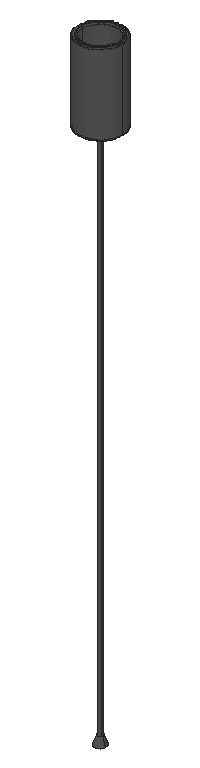
Revit family "CARLO CYLINDER LIGHT Pendant_ Surface", category Lighting Fixtures, host Face, Revit 2020 (continued)
Types (13): name | Wattage_Input | Wattage Comments | Wattage | built-in parameter 1150134 | Size 08 | Size 04 | Photometric Web File | built-in parameter 1150142 | Model | built-in parameter 1150105 | Lumens | built-in parameter 1150107 | built-in parameter 1150106 | Fixture Height | Fixture Diameter | BEAMING ANGLE | Apparent Load
  CCL6-08-30SPSW8-60-PSM-BK | 30 W | "18W/24W/30W" | 15.1472 W | (empty or 0) | yes | no | "CCL6_30W_2700K_60__.IES" | "IESNA:LM-63-2002\r\n[TEST] CCL6 30W 2700K 60¡ã\r\n[TESTLAB] EVERFINE\r\n[TESTDATE] 2024-03-09\r\n[ISSUEDATE] 2024-05-20 11:18:46\r\n[NEARFIELD] \r\n[LAMPPOSITION] 0,0\r\n[OTHER] EVERFINE GO-2000B_V1 SYSTEM\r\n[MANUFAC] Aboveall lighting\r\nTILT=NONE\r\n1 2292.3 1 181 17 1 2 -0.103 -0.103 0.000\r\n1.000 1 28.3627\r\n0.0    1.0    2.0    3.0    4.0    5.0    6.0    7.0    8.0    9.0    \r\n 10.0   11.0   12.0   13.0   14.0   15.0   16.0   17.0   18.0   19.0   \r\n 20.0   21.0   22.0   23.0   24.0   25.0   26.0   27.0   28.0   29.0   \r\n 30.0   31.0   32.0   33.0   34.0   35.0   36.0   37.0   38.0   39.0   \r\n 40.0   41.0   42.0   43.0   44.0   45.0   46.0   47.0   48.0   49.0   \r\n 50.0   51.0   52.0   53.0   54.0   55.0   56.0   57.0   58.0   59.0   \r\n 60.0   61.0   62.0   63.0   64.0   65.0   66.0   67.0   68.0   69.0   \r\n 70.0   71.0   72.0   73.0   74.0   75.0   76.0   77.0   78.0   79.0   \r\n 80.0   81.0   82.0   83.0   84.0   85.0   86.0   87.0   88.0   89.0   \r\n 90.0   91.0   92.0   93.0   94.0   95.0   96.0   97.0   98.0   99.0   \r\n 100.0  101.0  102.0  103.0  104.0  105.0  106.0  107.0  108.0  109.0  \r\n 110.0  111.0  112.0  113.0  114.0  115.0  116.0  117.0  118.0  119.0  \r\n 120.0  121.0  122.0  123.0  124.0  125.0  126.0  127.0  128.0  129.0  \r\n 130.0  131.0  132.0  133.0  134.0  135.0  136.0  137.0  138.0  139.0  \r\n 140.0  141.0  142.0  143.0  144.0  145.0  146.0  147.0  148.0  149.0  \r\n 150.0  151.0  152.0  153.0  154.0  155.0  156.0  157.0  158.0  159.0  \r\n 160.0  161.0  162.0  163.0  164.0  165.0  166.0  167.0  168.0  169.0  \r\n 170.0  171.0  172.0  173.0  174.0  175.0  176.0  177.0  178.0  179.0  \r\n 180.0  \r\n0.0    22.5   45.0   67.5   90.0   112.5  135.0  157.5  180.0  202.5  \r\n 225.0  247.5  270.0  292.5  315.0  337.5  360.0  \r\n2272.1 2269.1 2268.5 2264.4 2261.2 2253.3 2245.8 2235.8 2222.3 2208 \r\n 2192 2171.3 2147.1 2118.2 2087.3 2052.8 2016.5 1977.7 1936.7 1895.5 \r\n 1852.9 1809.5 1763.7 1716.6 1664.4 1602.6 1535.8 1460.5 1374.3 1288.3 \r\n 1220.9 1163.8 1114.2 1066.8 1020.2 977.14 934.57 895.8 854 797.19 \r\n 724.9 639.54 547.43 452.05 356.67 264.14 182.81 127.3 72.074 54.517 \r\n 45.309 37.209 30.302 25.884 23.128 20.755 19.049 17.857 16.762 15.929 \r\n 15.326 14.703 14.264 13.823 13.41 13.08 12.53 12.064 11.464 10.887 \r\n 10.136 9.3982 8.7815 7.9547 7.3112 6.6028 5.842 5.243 4.6024 3.985 \r\n 3.4392 2.922 2.3535 1.9165 1.4323 1.0859 0.75315 0.45618 0.22697 0.081745 \r\n 0.020692 0.00021523 0 0 0 0 0 0 0 0 \r\n 0 0.007924 0.03179 0.059798 0.079919 0.12375 0.16375 0.21965 0.27971 0.33982 \r\n 0.41181 0.4879 0.568 0.65607 0.74819 0.84829 0.96037 1.0723 1.1924 1.3126 \r\n 1.4566 1.5929 1.741 1.9131 2.0735 2.2536 2.4339 2.6222 2.8179 3.0261 \r\n 3.2345 3.4429 3.6671 3.8876 4.1159 4.3562 4.5847 4.825 5.0694 5.3099 \r\n 5.5418 5.7861 6.0305 6.271 6.5114 6.7479 6.9843 7.2049 7.4253 7.6417 \r\n 7.8423 8.0579 8.2426 8.427 8.6073 8.7797 8.96 9.1284 9.2967 9.469 \r\n 9.6651 9.8654 10.065 10.254 10.45 10.646 10.835 11.019 11.207 11.388 \r\n 11.556 11.725 11.869 12.001 12.121 12.242 12.35 12.434 12.527 12.615 \r\n 12.644 \r\n2272.1 2271 2270.5 2270 2262 2254.7 2244.3 2231.1 2215.6 2196.6 \r\n 2173.4 2148 2118.4 2085.5 2053.9 2019.2 1983.3 1943.9 1903.7 1864.9 \r\n 1820.4 1771.4 1722.1 1668.5 1608.1 1540.1 1466.1 1381 1296.3 1229.2 \r\n 1170.3 1119.4 1072 1028.4 985.29 945.6 905.61 865.65 810.34 734.55 \r\n 650.21 565.92 469.06 372.63 285.88 199.27 129.1 74.931 56.387 46.898 \r\n 38.67 32.08 27.33 24.038 21.38 19.624 18.252 17.179 16.264 15.591 \r\n 14.947 14.419 14.005 13.517 13.133 12.616 12.175 11.657 11.052 10.41 \r\n 9.645 8.955 8.1825 7.5085 6.7481 6.0888 5.4393 4.7473 4.2213 3.5577 \r\n 3.0882 2.5438 2.0632 1.6143 1.1587 0.82614 0.50301 0.25896 0.067579 0 \r\n 0 0.000034 0.0040412 0.0080125 0.0080495 0.012019 0.012097 0.020111 0.028104 0.036118 \r\n 0.044228 0.064297 0.088475 0.12848 0.16064 0.2048 0.25693 0.31311 0.37726 0.44523 \r\n 0.51745 0.60163 0.68983 0.78203 0.8783 0.98654 1.0988 1.219 1.3314 1.4717 \r\n 1.6156 1.7679 1.9203 2.0926 2.261 2.4414 2.6298 2.8263 3.0307 3.239 \r\n 3.4476 3.6719 3.8879 4.1242 4.3527 4.593 4.8136 5.062 5.3024 5.5349 \r\n 5.7833 6.0238 6.2642 6.508 6.7484 6.9848 7.2211 7.4455 7.6618 7.8701 \r\n 8.0704 8.2667 8.459 8.6393 8.815 8.9834 9.1557 9.3319 9.4963 9.6688 \r\n 9.8612 10.057 10.25 10.446 10.622 10.81 10.987 11.167 11.339 11.511 \r\n 11.668 11.82 11.96 12.084 12.204 12.328 12.428 12.516 12.6 12.66 \r\n 12.644 \r\n2272.1 2268.5 2267.5 2264.5 2258.3 2247.8 2235.2 2220.5 2201.4 2179.2 \r\n 2154.8 2128.8 2098.1 2064.5 2028.7 1990.3 1951.1 1910.2 1864.7 1818.4 \r\n 1769.6 1716.6 1661.9 1601.4 1534.4 1458.5 1374.1 1294.2 1228.9 1172.6 \r\n 1122.2 1074.2 1032.3 988.67 947.44 907.52 866.28 809.96 730.39 645.25 \r\n 552.06 462.31 372.52 283.76 197.08 124.88 78.565 56.628 47.003 38.652 \r\n 32.618 27.775 24.165 21.568 19.724 18.297 17.262 16.248 15.536 14.878 \r\n 14.391 14.034 13.555 13.209 12.639 12.172 11.672 11.076 10.427 9.6196 \r\n 8.937 8.1844 7.4964 6.7953 6.0663 5.5231 4.8395 4.2731 3.6368 3.1066 \r\n 2.5896 2.0488 1.6625 1.2551 0.87014 0.53294 0.31904 0.11853 0.029055 0.0042763 \r\n 0.000044 0 0 0 0 0 0 0 0 0.0079201 \r\n 0.027818 0.055778 0.079866 0.12769 0.15992 0.21181 0.27167 0.33574 0.40381 0.47985 \r\n 0.55995 0.64801 0.7441 0.84027 0.9523 1.0526 1.1805 1.3005 1.4326 1.5846 \r\n 1.7329 1.8971 2.0574 2.2375 2.4218 2.6101 2.8103 3.0067 3.2144 3.4228 \r\n 3.6509 3.8714 4.1037 4.3322 4.5685 4.8089 5.0374 5.2817 5.5063 5.7506 \r\n 5.9864 6.2268 6.4672 6.7116 6.9442 7.1806 7.4091 7.6177 7.826 8.0225 \r\n 8.2189 8.4068 8.5833 8.7556 8.92 9.0883 9.2566 9.4328 9.5933 9.7813 \r\n 9.9617 10.146 10.326 10.498 10.679 10.851 11.035 11.2 11.36 11.516 \r\n 11.661 11.797 11.925 12.037 12.154 12.254 12.342 12.415 12.479 12.563 \r\n 12.644 \r\n2272.1 2261.4 2259.1 2253 2246.5 2236.6 2220.6 2200.9 2180.5 2156.6 \r\n 2127.8 2096.4 2064.3 2031.3 1995.2 1955.5 1914.6 1870.9 1825.8 1779.5 \r\n 1729.4 1674.8 1615.4 1549.4 1478.6 1398.6 1315.9 1245.6 1187.9 1135.7 \r\n 1088.7 1044.7 1002.4 960.83 920.79 879.54 828.6 752.66 665.94 571.77 \r\n 480.43 386.87 298 222.61 147.37 90.497 60.485 49.971 41.309 34.696 \r\n 29.705 25.704 22.81 20.624 19.029 17.879 16.784 15.988 15.439 14.823 \r\n 14.402 13.854 13.421 12.964 12.48 12.005 11.301 10.659 9.9139 9.236 \r\n 8.487 7.7746 7.1562 6.4081 5.7901 5.0799 4.5303 3.9019 3.3611 2.8472 \r\n 2.2165 1.8664 1.3508 0.98227 0.63043 0.36242 0.14329 0.015905 0.000031 0.0039742 \r\n 0 0 0.000070 0.0080844 0.016025 0.016101 0.024038 0.024276 0.048165 0.060279 \r\n 0.084386 0.11648 0.15258 0.19272 0.24088 0.29705 0.36117 0.42536 0.49757 0.57752 \r\n 0.66174 0.75394 0.85017 0.9544 1.0627 1.1869 1.3032 1.4356 1.5799 1.7243 \r\n 1.8882 2.0605 2.2289 2.4092 2.5897 2.7901 2.9984 3.1909 3.4033 3.6158 \r\n 3.8403 4.0727 4.3045 4.537 4.7774 5.0178 5.2503 5.4947 5.7351 5.9756 \r\n 6.2161 6.4644 6.7048 6.9406 7.181 7.4053 7.6256 7.834 8.0422 8.2306 \r\n 8.4269 8.6112 8.7913 8.9516 9.1116 9.2878 9.452 9.6084 9.7728 9.9531 \r\n 10.126 10.318 10.494 10.674 10.851 11.026 11.195 11.351 11.519 11.663 \r\n 11.796 11.928 12.036 12.144 12.24 12.344 12.424 12.5 12.56 12.62 \r\n 12.644 \r\n2272.1 2289.1 2285.1 2278.3 2269.7 2259.2 2244.8 2225.2 2203.3 2180 \r\n 2151.4 2126.6 2094.9 2053.3 2016.2 1974.7 1927.6 1881.6 1832.3 1778.5 \r\n 1725.2 1667.9 1604.5 1536.3 1464.7 1383.9 1306.6 1242.2 1183.9 1131.3 \r\n 1082.1 1034.6 991.77 951.07 909.53 865.89 799.9 718.6 632.15 537.9 \r\n 438.99 347.31 268.64 190.1 125.31 77.724 61.224 50.604 41.945 35.057 \r\n 29.861 26.102 23.322 21.225 19.601 18.324 17.178 16.349 15.614 15.042 \r\n 14.541 14.029 13.61 13.058 12.538 11.98 11.351 10.744 9.9635 9.2373 \r\n 8.4336 7.78 7.0907 6.3978 5.7279 5.0067 4.4924 3.8483 3.3033 2.7579 \r\n 2.1787 1.7575 1.3058 0.94887 0.56648 0.36943 0.11906 0.0079714 0.0040483 0.0080556 \r\n 0.011975 0.0080575 0.012065 0.016072 0.020031 0.020129 0.028094 0.032253 0.048239 0.064184 \r\n 0.072412 0.10046 0.12869 0.17268 0.20898 0.26503 0.31723 0.37753 0.45362 0.52555 \r\n 0.59781 0.68209 0.77826 0.87457 0.98285 1.0991 1.2193 1.3398 1.4801 1.6245 \r\n 1.7844 1.9408 2.1091 2.2816 2.47 2.6664 2.8628 3.0672 3.2758 3.4962 \r\n 3.7166 3.9405 4.177 4.4214 4.6618 4.8983 5.1429 5.3951 5.6315 5.8641 \r\n 6.1126 6.361 6.6053 6.8412 7.0814 7.3059 7.5341 7.7465 7.9628 8.171 \r\n 8.3634 8.5557 8.7438 8.9162 9.0919 9.2603 9.4325 9.601 9.7813 9.9658 \r\n 10.158 10.347 10.543 10.731 10.919 11.087 11.275 11.452 11.624 11.78 \r\n 11.944 12.08 12.185 12.308 12.405 12.505 12.601 12.689 12.753 12.828 \r\n 12.644 \r\n2272.1 2279.5 2276.8 2265 2257.5 2242.5 2227.9 2211.8 2190.5 2164 \r\n 2134.8 2102.6 2069.3 2031.8 1989.1 1946.5 1898.6 1852.9 1803.3 1752.1 \r\n 1697.6 1638.7 1576 1505.2 1430.2 1350.5 1276.8 1217.1 1162.2 1114.1 \r\n 1064.8 1016.3 970.4 925.52 883.37 829.04 762.2 676.91 583.08 494.19 \r\n 403.41 319.18 232.81 161.16 115.76 70.598 57.862 47.721 39.543 33.536 \r\n 28.759 25.435 22.737 20.826 19.339 18.055 17.055 16.24 15.538 15.015 \r\n 14.471 13.983 13.529 12.958 12.508 11.904 11.283 10.535 9.7298 9.0435 \r\n 8.2231 7.5488 6.7901 6.124 5.4826 4.8097 4.2595 3.6033 3.0494 2.5203 \r\n 2.0469 1.59 1.1928 0.83684 0.51988 0.29061 0.10586 0.032697 0.0082224 0.0040403 \r\n 0.0040063 0.0040063 0.0040063 0.0040063 0.0040063 0.0040063 0.0040063 0.0079754 0.011983 0.023932 \r\n 0.039926 0.067874 0.10387 0.14391 0.18796 0.23999 0.29591 0.37185 0.44005 0.50421 \r\n 0.58818 0.68027 0.77244 0.87653 0.98072 1.1048 1.229 1.3489 1.4929 1.6451 \r\n 1.8014 1.9736 2.1459 2.3261 2.5104 2.7107 2.911 3.1193 3.3311 3.5475 \r\n 3.7757 4.0042 4.2365 4.465 4.7133 4.9458 5.1902 5.4267 5.6671 5.9035 \r\n 6.1512 6.3997 6.6402 6.8846 7.1092 7.3296 7.546 7.7624 7.9708 8.1633 \r\n 8.3517 8.5435 8.716 8.8883 9.0527 9.2249 9.3972 9.5576 9.7338 9.9141 \r\n 10.094 10.287 10.463 10.639 10.827 10.992 11.172 11.348 11.513 11.665 \r\n 11.817 11.954 12.082 12.194 12.294 12.387 12.475 12.551 12.639 12.699 \r\n 12.644 \r\n2272.1 2269.6 2266.9 2257.4 2249.6 2237.9 2225.4 2207.5 2184.4 2160.8 \r\n 2132.5 2099.2 2064.5 2026.5 1988.9 1947.3 1902.4 1853.9 1808.5 1757.1 \r\n 1699.9 1641.4 1579.4 1513.6 1439.1 1360.5 1288 1226.8 1170.9 1119.6 \r\n 1073.4 1027.5 983.48 942.57 900.86 853.91 785.32 702.64 612.82 520.25 \r\n 422.5 330.22 246.63 163.24 98.317 66.413 54.472 45.424 37.867 32.036 \r\n 27.819 24.508 22.103 20.262 18.877 17.705 16.747 16.045 15.358 14.866 \r\n 14.433 13.965 13.551 13.014 12.546 11.948 11.31 10.629 9.8876 9.1771 \r\n 8.3658 7.7308 6.9424 6.2426 5.6555 4.9098 4.3279 3.6648 3.1956 2.6901 \r\n 2.1388 1.7327 1.2103 0.90518 0.55368 0.29386 0.087296 0.0039652 0.000042 0.0040063 \r\n 0.0040503 0.0081025 0.016025 0.016025 0.016073 0.020129 0.028094 0.032253 0.048239 0.064226 \r\n 0.076504 0.11244 0.13662 0.17282 0.22091 0.26914 0.32924 0.3895 0.46168 0.53765 \r\n 0.61788 0.70604 0.79433 0.89464 1.0068 1.1191 1.2394 1.3638 1.5003 1.6565 \r\n 1.8125 1.9768 2.1413 2.3257 2.5141 2.7064 2.9029 3.1074 3.3238 3.5443 \r\n 3.7686 3.9886 4.221 4.4575 4.6978 4.9304 5.1707 5.4032 5.6437 5.888 \r\n 6.1206 6.365 6.6093 6.8451 7.0775 7.3097 7.5261 7.7384 7.9467 8.1429 \r\n 8.3313 8.5195 8.6956 8.86 9.0319 9.2041 9.3724 9.5368 9.7133 9.9016 \r\n 10.086 10.27 10.446 10.623 10.807 10.987 11.159 11.339 11.504 11.664 \r\n 11.82 11.96 12.088 12.216 12.321 12.421 12.508 12.584 12.66 12.712 \r\n 12.644 \r\n2272.1 2269.7 2263.1 2255.6 2250.1 2239.6 2226.3 2208.2 2187.2 2163.8 \r\n 2135.8 2104.2 2072 2037.1 1998.8 1958.7 1916.5 1872 1825 1774.5 \r\n 1721.7 1664.6 1601 1535.6 1464.3 1383.3 1303.2 1236.1 1177.9 1126.1 \r\n 1076.5 1030.2 988.63 948.67 908.34 866.4 810.34 736.51 653.17 557.39 \r\n 458.69 367.12 273.69 193.45 120.95 75.311 57.943 48.493 40.44 33.869 \r\n 28.906 25.151 22.496 20.51 18.999 17.834 16.771 15.959 15.277 14.767 \r\n 14.397 13.879 13.572 13.057 12.612 12.103 11.467 10.866 10.07 9.388 \r\n 8.6273 7.8699 7.1384 6.3694 5.7508 4.963 4.4396 3.8035 3.2696 2.7644 \r\n 2.2317 1.8021 1.3018 1.0164 0.62478 0.37493 0.16618 0.053088 0.012369 0.00010199 \r\n 0 0 0 0 0 0 0 0.0039691 0.0040063 0.011948 \r\n 0.031879 0.047942 0.083841 0.11991 0.1679 0.20803 0.26783 0.32794 0.39598 0.47205 \r\n 0.54818 0.64021 0.7284 0.82451 0.93261 1.0408 1.1729 1.2809 1.4209 1.5691 \r\n 1.7213 1.8855 2.0577 2.234 2.4183 2.6145 2.8069 3.0152 3.2269 3.4393 \r\n 3.6557 3.884 4.1164 4.3488 4.5891 4.8216 5.058 5.3064 5.5429 5.7793 \r\n 6.023 6.2635 6.5079 6.7444 6.9769 7.2014 7.4178 7.6302 7.8386 8.0391 \r\n 8.2275 8.4153 8.5957 8.7721 8.9285 9.1007 9.273 9.4493 9.6296 9.8139 \r\n 9.9982 10.191 10.37 10.547 10.731 10.907 11.088 11.26 11.428 11.585 \r\n 11.749 11.886 12.018 12.134 12.254 12.346 12.435 12.523 12.587 12.639 \r\n 12.644 \r\n2272.1 2267.5 2263.6 2258.4 2251.8 2244.2 2232 2216.5 2200.7 2179.3 \r\n 2153.7 2125.4 2093.2 2060 2024.3 1986.6 1945.5 1901.9 1858.8 1809.7 \r\n 1760 1704.5 1646.9 1584.5 1517.8 1443.8 1361.1 1283.9 1220.6 1166 \r\n 1117.8 1072.9 1031.2 987.61 946.73 907.49 865.04 809.99 731.58 639.27 \r\n 543.98 448.71 355.27 267.69 180.35 115.77 72.584 55.034 45.969 37.906 \r\n 32.136 27.343 24.18 21.492 19.732 18.3 17.14 16.189 15.461 14.87 \r\n 14.382 13.989 13.553 13.243 12.752 12.349 11.752 11.163 10.568 9.7839 \r\n 9.1246 8.2929 7.6113 6.8977 6.1618 5.5338 4.8496 4.2676 3.5965 3.119 \r\n 2.5825 2.0905 1.6772 1.2139 0.87695 0.51811 0.30231 0.087234 0.000042 0.0040063 \r\n 0.0040503 0.0080575 0.012065 0.015978 0.012067 0.016074 0.020031 0.020234 0.036056 0.036266 \r\n 0.056259 0.072375 0.096509 0.12866 0.16878 0.21286 0.25718 0.32125 0.3815 0.45344 \r\n 0.52557 0.59791 0.69008 0.78234 0.88261 0.99085 1.1031 1.2194 1.3398 1.4762 \r\n 1.6241 1.7765 1.9447 2.1052 2.2857 2.474 2.6624 2.8589 3.0633 3.2757 \r\n 3.4842 3.7081 3.9365 4.165 4.4014 4.6339 4.8743 5.1148 5.3592 5.5956 \r\n 5.8321 6.0765 6.317 6.5606 6.789 7.0134 7.2376 7.45 7.6623 7.8625 \r\n 8.0548 8.2392 8.4273 8.5996 8.7674 8.9358 9.1121 9.2884 9.4648 9.6453 \r\n 9.8417 10.038 10.23 10.419 10.611 10.799 10.979 11.167 11.344 11.524 \r\n 11.688 11.836 11.972 12.104 12.232 12.328 12.408 12.504 12.593 12.672 \r\n 12.644 \r\n2272.1 2268.3 2267.8 2262.9 2258.4 2252.8 2243.2 2230.1 2214.6 2195.4 \r\n 2173.1 2145.2 2115.4 2085.2 2053.4 2019 1979.3 1938.3 1893.9 1849.6 \r\n 1802 1751.4 1696.5 1636.4 1572.2 1502.1 1428.3 1347.5 1273 1213 \r\n 1160.2 1109.5 1063 1018.9 979.31 940.32 901.11 858.88 796.58 715.22 \r\n 623.3 528.52 432.28 339.71 249.93 176.1 121.38 66.823 52.913 44.244 \r\n 36.873 31.349 26.665 23.537 21.051 19.253 17.951 16.819 15.916 15.213 \r\n 14.587 14.091 13.654 13.28 12.923 12.475 12.011 11.459 10.933 10.237 \r\n 9.421 8.7785 8.0319 7.3104 6.5811 5.959 5.2664 4.6327 4.0711 3.4385 \r\n 2.9485 2.388 1.9901 1.4675 1.129 0.78845 0.47562 0.26231 0.085671 0.020575 \r\n 0.00016509 0 0 0 0 0 0 0 0 0 \r\n 0.0079441 0.023905 0.03596 0.063881 0.095908 0.13592 0.17588 0.23183 0.28396 0.35193 \r\n 0.41608 0.49212 0.57223 0.66827 0.75252 0.85655 0.96471 1.0805 1.2007 1.3249 \r\n 1.469 1.6132 1.7694 1.9297 2.0979 2.2861 2.4665 2.6587 2.8625 3.0668 \r\n 3.2791 3.4875 3.7118 3.9402 4.1726 4.397 4.6373 4.8738 5.1182 5.3467 \r\n 5.5785 5.8188 6.0632 6.3037 6.5322 6.7527 6.981 7.2015 7.41 7.6064 \r\n 7.8028 7.9907 8.1711 8.3474 8.5198 8.6841 8.8484 9.0207 9.2049 9.3853 \r\n 9.5696 9.7619 9.9497 10.134 10.33 10.527 10.715 10.903 11.096 11.284 \r\n 11.465 11.637 11.793 11.945 12.078 12.194 12.294 12.402 12.503 12.591 \r\n 12.644 \r\n2272.1 2268.6 2268.9 2267 2263.2 2256.6 2250.4 2241.8 2229.4 2211.1 \r\n 2191.5 2168.4 2142.3 2113 2082.2 2048.9 2012.6 1973 1934.1 1891.3 \r\n 1847.5 1801.5 1752.7 1702.4 1646.4 1583 1513.6 1438.5 1354.5 1275.8 \r\n 1211.5 1157.1 1107.9 1062.3 1018.1 975.11 933.29 891.34 845.56 786.29 \r\n 705.35 617.88 525.21 431.98 340.12 259.12 178.26 109.72 67.149 53.496 \r\n 44.472 36.514 31.106 26.522 23.467 20.982 19.239 17.895 16.756 15.881 \r\n 15.204 14.585 14.104 13.625 13.253 12.859 12.339 11.921 11.396 10.873 \r\n 10.184 9.4629 8.792 7.9878 7.2815 6.4924 5.9225 5.2694 4.6169 4.0277 \r\n 3.4281 2.9578 2.3666 1.9299 1.5014 1.097 0.72245 0.45408 0.19863 0.039632 \r\n 0 0 0.000046 0.0041002 0.012019 0.012068 0.016025 0.016076 0.020072 0.024038 \r\n 0.024252 0.044244 0.060273 0
